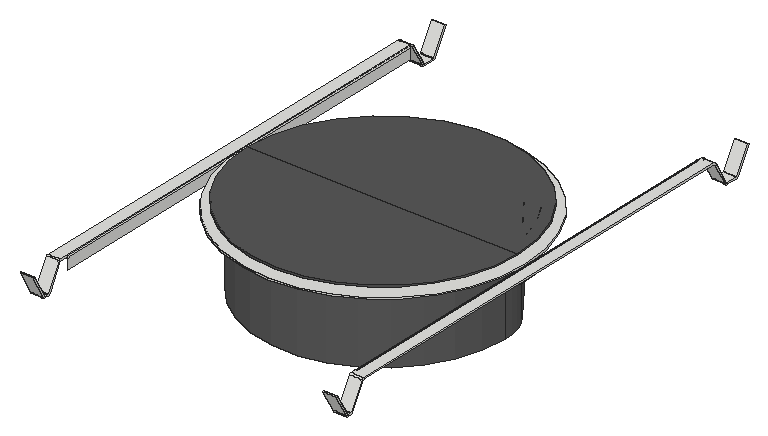
Revit family "Electronics_Desono_Biamp_Two-Way-Conferencing-Loudspeaker_C-IC6LP", category Communication Devices, host Face, Revit 2020
Family settings
  Host = Face
  Maintain Annotation Orientation = No
  Round Connector Dimension = Use Diameter
  Part Type = Normal
  OmniClass Number = 23.85.10.11.14.14.14
  OmniClass Title = Loudspeakers
  Cut with Voids When Loaded = No
  Shared = No
  Room Calculation Point = No
Parameters (values of type "Default - please load Revit Family Type Catalog")
  connector = no
  Weight = 9.10 lbf  # constant formula
  Version = 1
  URL = "https://www.biamp.com/"
  Transducers = "LF 1 x 6.5 (165 mm) treated paper cone; HF 1 x 1 (25 mm) soft dome"  # constant formula
  Tile Bridge [instance] = yes
  TCM-XA = yes
  TCM-X = yes
  Shipping Weight = 27.11 lbf  # constant formula
  Sensitivity = "87 dB (2.83 V);87 dB (1 W at rated impedance 8 Ω)"  # constant formula
  Required Accessory = "65 Hz, 18 dB/oct. high pass flter; DSP preset for ALC or Tesira"  # constant formula
  Recommended Amplifers = "60 W - 120 W into 8 Ω, (22 V - 31 V)"  # constant formula
  Rated Maximum SPL (Processed) = "Peak - 115dB; Continuous -103dB"  # constant formula
  Rated Continuous Voltage = "21.9 V (27 dBV)"  # constant formula
  Product data url = "https://bimobject.com/biamp/product/c-ic6lp-desono-specialty-conferencing"
  Product Page URL = "https://www.biamp.com/products/product-families/desono/specialty-conferencing-loudspeakers#c-ic6lp"
  Product Documentation Link = "https://downloads.biamp.com/assets/docs/default-source/data-sheets/biamp_data_sheet_desono_c-ic6lp_may23.pdf"
  Operating Range (-10dB) = "Indoor"  # constant formula
  Operating Mode = "Passive with DSP"  # constant formula
  Operating Environment = "Indoor in climate-controlled environments"  # constant formula
  Nominal Maximum SPL = "Peak - 109dB; Continuous -103dB"  # constant formula
  Nominal Continuous Power Handling = "22 V (60 W @ 8 Ω)"  # constant formula
  Nominal Beamwidth  (H x V) = "130°, conical"  # constant formula
  Nom ceiling thikness [instance] = if(or(Ceiling Thickness < 0.25197", Ceiling Thickness = 0.25197"), 0.25197", if(and(Ceiling Thickness > 0.25197", Ceiling Thickness < 3.54331"), Ceiling Thickness, if(or(Ceiling Thickness > 3.54331", Ceiling Thickness = 3.54331"), 3.54331", 0")))  # 0.25197"
  Mounting Provisions = "3 SpringLock™ mounting clamps with 33 mm (1.3) grip range"  # constant formula
  Model = "C-IC6LP-B"
  Manufacturer = "Biamp"  # constant formula
  Input Connection = "4-position Euroblock connector, 2 RJ45 ports"  # constant formula
  Housing Material = Biamp - Metal - Black
  Grill Material = Biamp - Plastic - Black(Grid)
  Diameter = 13.4252"  # constant formula
  Description = "Desono™ C-IC6LP Two-Way 6.5 Ceiling Mount Conferencing Loudspeaker"  # constant formula
  Depth = 3.97638"  # constant formula
  Default Elevation = 48"
  Date Updated = ""
  Date Created = "2023/08/21"
  Crossover Frequency = "2.5 kHz"  # constant formula
  Connector XA = if([TCM-XA], 3, 2)  # 3
  Connector X = if([TCM-X], 3, 2)  # 3
  Connector Description = "4-pole Euroblock; 22V 60W 8Ω (240W peak)"  # constant formula
  Connector 450 = if(ABP450, 3, 2)  # 3
  Certifcations = "ETL listed to comply with UL1480A, UL2043 and CSA62368-1 Suitable for use in air handling spaces per NFPA 70 and NFPA 90"  # constant formula
  Ceiling Thickness [instance] = 0"
  Amplifier [instance] = or(ABP450, [TCM-X], [TCM-XA])  # yes
  ABP450 = yes
Reference planes (in)
  plane 1 "Center (Front/Back)": y = 0
  plane 2: z = 0
  plane 3 "Center (Left/Right)": x = 0
Forms (in)
  Revolve 1, solid, material "Biamp - Plastic - Black(Grid)" <- "Grill Material"
    sketch origin (0, 0, 0) x (1, 0, 0) y (0, 0, 1)
      loop
        line (0, 0.07874) -> (-6.69291, 0.07874) -> (-6.69291, 0) -> (-6.14665, 0) -> (-6.14665, -0.3937) -> (0, -0.3937) -> (0, 0.07874)
      axis (0, -0.3937) -> (0, 0.07874)
    angle from 0 to 360
  Extrusion 2, solid, material "Biamp - Metal - Black" <- "Housing Material", detail levels coarse
    sketch origin (0, 0, 0) x (1, 0, 0) y (0, 1, 0)
      loop
        arc (-2.58296, 5.53419) -> (0, -6.10728) -> (2.58296, 5.53419) r 6.10728
        arc (2.58296, 5.53419) -> (2.24482, 5.71389) -> (1.86695, 5.77596) r 1.1811
        line (1.86695, 5.77596) -> (-1.86695, 5.77596)
        arc (-1.86695, 5.77596) -> (-2.24482, 5.71389) -> (-2.58296, 5.53419) r 1.1811
    from -3.89764 to -0.3937
  Extrusion 3, solid, material "Biamp - Metal - Black" <- "Housing Material", detail levels medium+fine
    sketch origin (0, 0, 0) x (1, 0, 0) y (0, 1, 0)
      loop
        arc (-6.10728, 0) -> (0, -6.10728) -> (6.10728, 0) r 6.10728
        arc (6.10728, 0) -> (5.96959, 0.86434) -> (5.57015, 1.64312) r 2.78175
        line (5.57015, 1.64312) -> (2.81022, 5.30567)
        arc (2.81022, 5.30567) -> (2.39396, 5.65187) -> (1.86695, 5.77596) r 1.1811
        line (1.86695, 5.77596) -> (-1.86695, 5.77596)
        arc (-1.86695, 5.77596) -> (-2.39396, 5.65187) -> (-2.81022, 5.30567) r 1.1811
        line (-2.81022, 5.30567) -> (-5.57015, 1.64312)
        arc (-5.57015, 1.64312) -> (-5.96959, 0.86434) -> (-6.10728, 0) r 2.78175
    from -3.89764 to -0.3937
  Extrusion 4, void
    sketch origin (0, 5.65945, 0) x (1, 0, 0) y (0, 1, 0)
      loop
        line (-0.74666, -1.34345) -> (-0.74666, -1.73715) -> (0.74666, -1.73715) -> (0.74666, -1.34345) -> (-0.74666, -1.34345)
      loop
        line (-0.62821, -0.76382) -> (-0.62821, -1.15753) -> (-0.19243, -1.15753) -> (-0.19243, -0.76382) -> (-0.62821, -0.76382)
      loop
        line (0.62821, -0.76382) -> (0.19243, -0.76382) -> (0.19243, -1.15753) -> (0.62821, -1.15753) -> (0.62821, -0.76382)
    from -4.12234 to -3.82627
  Extrusion 5, void
    sketch origin (0, 0, 0) x (1, 0, 0) y (0, 1, 0)
      loop
        circle (0, 0) r 6.14665
    from -4.39616 to 0
  Extrusion 6, solid, material "Biamp - Plastic - Dark Gray", visible <- "ABP450"
    sketch origin (0, 0, -3.89764) x (0, 1, 0) y (1, 0, 0)
      loop
        line (5.77596, 1.87419) -> (5.77596, -1.87419)
        arc (5.77596, -1.87419) -> (5.84558, -1.75092) -> (5.86971, -1.61142) r 0.41512
        line (5.86971, -1.61142) -> (5.86971, 1.61142)
        arc (5.86971, 1.61142) -> (5.84558, 1.75092) -> (5.77596, 1.87419) r 0.41512
    from 0 to -1.82
  Extrusion 7, solid, material "Biamp - Plastic - Dark Gray", visible <- "ABP450"
    sketch origin (0, 0, -3.89764) x (0, 1, 0) y (1, 0, 0)
      loop
        line (4.36313, 2.9249) -> (4.36313, -2.9249) -> (4.76917, -2.9249)
        arc (4.76917, -2.9249) -> (4.88683, -2.90415) -> (4.9903, -2.84442) r 0.34401
        line (4.9903, -2.84442) -> (5.7772, -1.87267)
        arc (5.7772, -1.87267) -> (5.8459, -1.75) -> (5.86971, -1.61142) r 0.41512
        line (5.86971, -1.61142) -> (5.86971, 1.61142)
        arc (5.86971, 1.61142) -> (5.8459, 1.75) -> (5.7772, 1.87267) r 0.41512
        line (5.7772, 1.87267) -> (4.9903, 2.84442)
        arc (4.9903, 2.84442) -> (4.88683, 2.90415) -> (4.76917, 2.9249) r 0.34401
        line (4.76917, 2.9249) -> (4.36313, 2.9249)
    from 0 to 1.12
  Extrusion 8, solid, material "Biamp - Plastic - Black", visible <- "ABP450"
    sketch origin (0, 0, -3.89764) x (0, 1, 0) y (1, 0, 0)
      loop
        line (-0.65565, 2.9249) -> (-0.65565, -2.9249) -> (0.14909, -3.38952) -> (3.55211, -3.38952) -> (4.36313, -2.92127) -> (4.36313, 2.92127) -> (3.55211, 3.38952) -> (0.14909, 3.38952) -> (-0.65565, 2.9249)
      loop
        circle (1.69749, -3.23227) r 0.08163
      loop
        circle (1.69749, 3.23227) r 0.08163
    from 0 to 0.07
  Extrusion 9, solid, material "Biamp - Plastic - Black", visible <- "ABP450"
    sketch origin (3.39365, -0.65565, -3.89764) x (-1, 0, 0) y (0, 0, -1)
      loop
        line (6.31855, 0.07) -> (6.31855, 1.08822)
        arc (6.31855, 1.08822) -> (6.30831, 1.11296) -> (6.28357, 1.1232) r 0.03498
        line (6.28357, 1.1232) -> (0.50373, 1.1232)
        arc (0.50373, 1.1232) -> (0.479, 1.11296) -> (0.46875, 1.08822) r 0.03498
        line (0.46875, 1.08822) -> (0.46875, 0.07) -> (6.31855, 0.07)
    from -5.01878 to 0
  Extrusion 10, solid, material "Biamp - Plastic - Dark Gray", visible <- "TCM-X"
    sketch origin (0, 0, -3.89764) x (0, 1, 0) y (1, 0, 0)
      loop
        line (5.77596, 1.87419) -> (5.77596, -1.87419)
        arc (5.77596, -1.87419) -> (5.84558, -1.75092) -> (5.86971, -1.61142) r 0.41512
        line (5.86971, -1.61142) -> (5.86971, 1.61142)
        arc (5.86971, 1.61142) -> (5.84558, 1.75092) -> (5.77596, 1.87419) r 0.41512
    from 0 to -1.82
  Extrusion 11, solid, material "Biamp - Plastic - Dark Gray", visible <- "TCM-X"
    sketch origin (0, 0, -3.89764) x (0, 1, 0) y (1, 0, 0)
      loop
        line (4.36313, 2.9249) -> (4.36313, -2.9249) -> (4.76917, -2.9249)
        arc (4.76917, -2.9249) -> (4.88683, -2.90415) -> (4.9903, -2.84442) r 0.34401
        line (4.9903, -2.84442) -> (5.7772, -1.87267)
        arc (5.7772, -1.87267) -> (5.8459, -1.75) -> (5.86971, -1.61142) r 0.41512
        line (5.86971, -1.61142) -> (5.86971, 1.61142)
        arc (5.86971, 1.61142) -> (5.8459, 1.75) -> (5.7772, 1.87267) r 0.41512
        line (5.7772, 1.87267) -> (4.9903, 2.84442)
        arc (4.9903, 2.84442) -> (4.88683, 2.90415) -> (4.76917, 2.9249) r 0.34401
        line (4.76917, 2.9249) -> (4.36313, 2.9249)
    from 0 to 1.12
  Extrusion 12, solid, material "Biamp - Plastic - Black", visible <- "TCM-X"
    sketch origin (0, 0, -3.89764) x (0, 1, 0) y (1, 0, 0)
      loop
        line (-0.65565, 2.9249) -> (-0.65565, -2.9249) -> (0.14909, -3.38952) -> (3.55211, -3.38952) -> (4.36313, -2.92127) -> (4.36313, 2.92127) -> (3.55211, 3.38952) -> (0.14909, 3.38952) -> (-0.65565, 2.9249)
      loop
        circle (1.69749, -3.23227) r 0.08163
      loop
        circle (1.69749, 3.23227) r 0.08163
    from 0 to 0.07
  Extrusion 13, solid, material "Biamp - Plastic - Black", visible <- "TCM-X"
    sketch origin (3.39365, -0.65565, -3.89764) x (-1, 0, 0) y (0, 0, -1)
      loop
        line (6.31855, 0.07) -> (6.31855, 1.08822)
        arc (6.31855, 1.08822) -> (6.30831, 1.11296) -> (6.28357, 1.1232) r 0.03498
        line (6.28357, 1.1232) -> (0.50373, 1.1232)
        arc (0.50373, 1.1232) -> (0.479, 1.11296) -> (0.46875, 1.08822) r 0.03498
        line (0.46875, 1.08822) -> (0.46875, 0.07) -> (6.31855, 0.07)
    from -5.01878 to 0
  Extrusion 14, solid, material "Biamp - Plastic - Dark Gray", visible <- "TCM-XA"
    sketch origin (0, 0, -3.89764) x (0, 1, 0) y (1, 0, 0)
      loop
        line (5.77596, 1.87419) -> (5.77596, -1.87419)
        arc (5.77596, -1.87419) -> (5.84558, -1.75092) -> (5.86971, -1.61142) r 0.41512
        line (5.86971, -1.61142) -> (5.86971, 1.61142)
        arc (5.86971, 1.61142) -> (5.84558, 1.75092) -> (5.77596, 1.87419) r 0.41512
    from 0 to -1.82
  Extrusion 15, solid, material "Biamp - Plastic - Dark Gray", visible <- "TCM-XA"
    sketch origin (0, 0, -3.89764) x (0, 1, 0) y (1, 0, 0)
      loop
        line (4.36313, 2.9249) -> (4.36313, -2.9249) -> (4.76917, -2.9249)
        arc (4.76917, -2.9249) -> (4.88683, -2.90415) -> (4.9903, -2.84442) r 0.34401
        line (4.9903, -2.84442) -> (5.7772, -1.87267)
        arc (5.7772, -1.87267) -> (5.8459, -1.75) -> (5.86971, -1.61142) r 0.41512
        line (5.86971, -1.61142) -> (5.86971, 1.61142)
        arc (5.86971, 1.61142) -> (5.8459, 1.75) -> (5.7772, 1.87267) r 0.41512
        line (5.7772, 1.87267) -> (4.9903, 2.84442)
        arc (4.9903, 2.84442) -> (4.88683, 2.90415) -> (4.76917, 2.9249) r 0.34401
        line (4.76917, 2.9249) -> (4.36313, 2.9249)
    from 0 to 1.12
  Extrusion 16, solid, material "Biamp - Plastic - Black", visible <- "TCM-XA"
    sketch origin (0, 0, -3.89764) x (0, 1, 0) y (1, 0, 0)
      loop
        line (-0.65565, 2.9249) -> (-0.65565, -2.9249) -> (0.14909, -3.38952) -> (3.55211, -3.38952) -> (4.36313, -2.92127) -> (4.36313, 2.92127) -> (3.55211, 3.38952) -> (0.14909, 3.38952) -> (-0.65565, 2.9249)
      loop
        circle (1.69749, -3.23227) r 0.08163
      loop
        circle (1.69749, 3.23227) r 0.08163
    from 0 to 0.07
  Extrusion 17, solid, material "Biamp - Plastic - Black", visible <- "TCM-XA"
    sketch origin (3.39365, -0.65565, -3.89764) x (-1, 0, 0) y (0, 0, -1)
      loop
        line (6.31855, 0.07) -> (6.31855, 1.08822)
        arc (6.31855, 1.08822) -> (6.30831, 1.11296) -> (6.28357, 1.1232) r 0.03498
        line (6.28357, 1.1232) -> (0.50373, 1.1232)
        arc (0.50373, 1.1232) -> (0.479, 1.11296) -> (0.46875, 1.08822) r 0.03498
        line (0.46875, 1.08822) -> (0.46875, 0.07) -> (6.31855, 0.07)
    from -5.01878 to 0
  Extrusion 18, void
    sketch origin (3.39365, 4.36313, -3.89764) x (1, 0, 0) y (0, 0, -1)
      loop
        line (-0.62307, 0.26286) -> (-0.62307, 0.68336) -> (-1.0523, 0.68336) -> (-1.0523, 0.26286) -> (-0.62307, 0.26286)
      loop
        line (-6.16423, 0.26286) -> (-5.735, 0.26286) -> (-5.735, 0.68336) -> (-6.16423, 0.68336) -> (-6.16423, 0.26286)
      loop
        line (-1.12307, 0.26286) -> (-1.12307, 0.68336) -> (-1.5523, 0.68336) -> (-1.5523, 0.26286) -> (-1.12307, 0.26286)
      loop
        line (-1.62307, 0.26286) -> (-1.62307, 0.68336) -> (-2.0523, 0.68336) -> (-2.0523, 0.26286) -> (-1.62307, 0.26286)
      loop
        line (-2.12307, 0.26286) -> (-2.12307, 0.68336) -> (-2.5523, 0.68336) -> (-2.5523, 0.26286) -> (-2.12307, 0.26286)
    from -0.34 to 0.09
  Extrusion 19, void
    sketch origin (3.39365, 4.36313, -3.89764) x (1, 0, 0) y (0, 0, -1)
      loop
        line (-1.57075, 0.26286) -> (-1.57075, 0.68336) -> (-1.99998, 0.68336) -> (-1.99998, 0.26286) -> (-1.57075, 0.26286)
      loop
        line (-0.82075, 0.26286) -> (-0.82075, 0.68336) -> (-1.24998, 0.68336) -> (-1.24998, 0.26286) -> (-0.82075, 0.26286)
    from -0.09 to 0.14
  Extrusion 20, void
    sketch origin (3.39365, 4.36313, -3.89764) x (1, 0, 0) y (0, 0, -1)
      loop
        line (-4.485, 0.26286) -> (-4.485, 0.68336) -> (-4.91423, 0.68336) -> (-4.91423, 0.26286) -> (-4.485, 0.26286)
      loop
        line (-2.32075, 0.26286) -> (-2.32075, 0.68336) -> (-2.74998, 0.68336) -> (-2.74998, 0.26286) -> (-2.32075, 0.26286)
      loop
        line (-3.07075, 0.26286) -> (-3.07075, 0.68336) -> (-3.49998, 0.68336) -> (-3.49998, 0.26286) -> (-3.07075, 0.26286)
    from -0.09 to 0.14
Cuts and joins
  Extrusion 4 cuts Extrusion 3
  Extrusion 4 cuts Revolve 1
  Extrusion 4 cuts Extrusion 2
  Extrusion 18 cuts Extrusion 9
  Extrusion 19, Extrusion 20 cuts Extrusion 17
  Extrusion 20 cuts Extrusion 13
Lines and regions (in)
  Masking region 1
    outline origin (0, 0, 0) x (1, 0, 0) y (0, 1, 0)
      loop
        line (-2.81022, 5.30567) -> (-5.57015, 1.64312)
        arc (-5.57015, 1.64312) -> (-5.96959, 0.86434) -> (-6.10728, 0) r 2.78175
        arc (-6.10728, 0) -> (0, -6.10728) -> (6.10728, 0) r 6.10728
        arc (6.10728, 0) -> (5.96959, 0.86434) -> (5.57015, 1.64312) r 2.78175
        line (5.57015, 1.64312) -> (2.81022, 5.30567)
        arc (2.81022, 5.30567) -> (2.39396, 5.65187) -> (1.86695, 5.77596) r 1.1811
        line (1.86695, 5.77596) -> (-1.86695, 5.77596)
        arc (-1.86695, 5.77596) -> (-2.39396, 5.65187) -> (-2.81022, 5.30567) r 1.1811
  Masking region 2
    outline origin (0, 0, 0) x (1, 0, 0) y (0, 1, 0)
      loop
        circle (0, 0) r 6.69291
  Masking region 3
    outline origin (0, 0, 0) x (1, 0, 0) y (0, 0, 1)
      loop
        line (-6.69291, 0.07874) -> (-6.69291, 0) -> (-6.14665, 0) -> (-6.14665, -0.3937) -> (6.14665, -0.3937) -> (6.14665, 0) -> (6.69291, 0) -> (6.69291, 0.07874) -> (-6.69291, 0.07874)
  Masking region 4
    outline origin (0, 0, 0) x (1, 0, 0) y (0, 0, 1)
      loop
        line (-6.10728, -0.3937) -> (-6.10728, -3.89764) -> (6.10728, -3.89764) -> (6.10728, -0.3937) -> (-6.10728, -0.3937)
  Masking region 5, visible <- "Amplifier"
    outline origin (0, 0, 0) x (1, 0, 0) y (0, 1, 0)
      loop
        line (-3.38952, 3.55211) -> (-3.38952, 0.14909) -> (-2.92127, -0.66193) -> (-2.92127, 4.36313) -> (-3.38952, 3.55211)
      loop
        line (2.92127, -0.66193) -> (3.38952, 0.14909) -> (3.38952, 3.55211) -> (2.92127, 4.36313) -> (2.92127, -0.66193)
      loop
        circle (-3.23227, 1.69749) r 0.08163
      loop
        circle (3.23227, 1.69749) r 0.08163
  Masking region 6, visible <- "Amplifier"
    outline origin (0, 0, 0) x (1, 0, 0) y (0, 1, 0)
      loop
        line (-2.9249, 4.36313) -> (2.9249, 4.36313) -> (2.9249, 4.76917)
        arc (2.9249, 4.76917) -> (2.90415, 4.88683) -> (2.84442, 4.9903) r 0.34401
        line (2.84442, 4.9903) -> (1.87267, 5.7772)
        arc (1.87267, 5.7772) -> (1.75, 5.8459) -> (1.61142, 5.86971) r 0.41512
        line (1.61142, 5.86971) -> (-1.61142, 5.86971)
        arc (-1.61142, 5.86971) -> (-1.75, 5.8459) -> (-1.87267, 5.7772) r 0.41512
        line (-1.87267, 5.7772) -> (-2.84442, 4.9903)
        arc (-2.84442, 4.9903) -> (-2.90415, 4.88683) -> (-2.9249, 4.76917) r 0.34401
        line (-2.9249, 4.76917) -> (-2.9249, 4.36313)
  Masking region 7, visible <- "Amplifier"
    outline origin (0, 0, 0) x (1, 0, 0) y (0, 1, 0)
      loop
        line (-2.9249, 4.36313) -> (-2.9249, -0.65565) -> (2.9249, -0.65565) -> (2.9249, 4.36313) -> (-2.9249, 4.36313)
  reference lines
    curve 1: line (-58.44901, 0, -0.25197) -> (-45.44901, 0, -0.25197)
    curve 2: line (0, -4.62706, -5.43695) -> (0, -7.12706, -5.43695)
    curve 3: line (0, 3.29143, -5.94158) -> (0, 4.54143, -5.94158)
Dimensions and locks (in)
  "Nom ceiling thikness": plane 2 to curve 1
  equal spacing: group 2, group 32, group 1
  equal spacing: group 1, group 32, group 2  (x2)
  equal spacing: group 4, group 33, group 3
  equal spacing: group 3, group 33, group 4  (x2)
  equal spacing: group 6, group 34, group 5
  equal spacing: group 5, group 34, group 6  (x2)
  equal spacing: group 8, group 35, group 7
  equal spacing: group 7, group 35, group 8  (x2)
  equal spacing: group 10, group 36, group 9
  equal spacing: group 9, group 36, group 10  (x2)
  equal spacing: group 12, group 37, group 11
  equal spacing: group 11, group 37, group 12  (x2)
  equal spacing: group 14, group 38, group 13
  equal spacing: group 13, group 38, group 14  (x2)
  equal spacing: group 16, group 39, group 15
  equal spacing: group 15, group 39, group 16  (x2)
  equal spacing: group 18, group 19, group 17
  equal spacing: group 17, group 19, group 18  (x2)
  equal spacing: group 21, group 22, group 20
  equal spacing: group 20, group 22, group 21  (x2)
  equal spacing: group 24, group 25, group 23
  equal spacing: group 23, group 25, group 24  (x2)
  equal spacing: group 27, group 28, group 26
  equal spacing: group 26, group 28, group 27  (x2)
  equal spacing: group 30, group 31, group 29
  equal spacing: group 29, group 31, group 30  (x2)
  aligned and locked: plane 2 to host face
  aligned and locked: level to host face
Automatic sketch dimensions
  host sketch curve to host sketch curve = 96"  (x2)
  Extrusion 4 sketch curve to plane 3 "Center (Left/Right)" = 0.74666"
  Extrusion 4 sketch curve to Extrusion 4 sketch curve = 0.11845"  (x2)
  Extrusion 4 sketch curve to plane 3 "Center (Left/Right)" = 0.19243"
  plane 3 "Center (Left/Right)" to Extrusion 4 sketch curve = 0.19243"
  Extrusion 4 sketch curve to Extrusion 4 sketch curve = 0.43578"
  Extrusion 4 sketch curve to plane 1 "Center (Front/Back)" = 4.50192"
  Extrusion 4 sketch curve to Extrusion 4 sketch curve = 0"  (x2)
  Extrusion 4 sketch curve to Extrusion 4 sketch curve = 0.3937"  (x2)
  Extrusion 4 sketch curve to Extrusion 4 sketch curve = 0.97332"
  plane 1 "Center (Front/Back)" to curve 2 = 7.12706"
  curve 3 to plane 1 "Center (Front/Back)" = 3.29143"
  curve 3 to level = 5.94158"
  curve 2 to curve 2 = 2.5"
  curve 3 to curve 3 = 1.25"
  curve 2 to level = 5.43695"
  Revolve 1 sketch curve to level = 0"
  Revolve 1 sketch curve to plane 3 "Center (Left/Right)" = 0"  (x2)
  Revolve 1 sketch curve to Revolve 1 sketch curve = 0.54626"
  Revolve 1 sketch curve to Revolve 1 sketch curve = 0.07874"
  Revolve 1 sketch curve to Revolve 1 sketch curve = 1.9685"
  Revolve 1 sketch curve to plane 3 "Center (Left/Right)" = 6.14665"
  Revolve 1 sketch curve to level = 0.3937"
  Revolve 1 sketch curve to Revolve 1 sketch curve = 1.69291"
  Extrusion 3 sketch curve to plane 3 "Center (Left/Right)" = 1.86695"
  Extrusion 3 sketch curve to Extrusion 3 sketch curve = 0.94327"  (x2)
  Extrusion 3 sketch curve to plane 1 "Center (Front/Back)" = 1.64312"  (x2)
  plane 3 "Center (Left/Right)" to Extrusion 3 sketch curve = 1.86695"
  plane 3 "Center (Left/Right)" to Extrusion 3 sketch curve = 3.32553"
  Extrusion 3 sketch curve to plane 1 "Center (Front/Back)" = 4.59486"
  Extrusion 3 sketch curve to Extrusion 3 sketch curve = 0"  (x2)
  Extrusion 3 sketch curve to Extrusion 3 sketch curve = 0.71081"
  plane 1 "Center (Front/Back)" to Extrusion 3 sketch curve = 0"
  Extrusion 3 sketch curve to plane 3 "Center (Left/Right)" = 0"
  Extrusion 3 sketch curve to Extrusion 3 sketch curve = 3.32553"
  Extrusion 3 sketch curve to Extrusion 3 sketch curve = 2.24462"
  Extrusion 3 sketch curve to Extrusion 3 sketch curve = 0.53714"
  plane 1 "Center (Front/Back)" to Masking region 1 sketch curve = 0"
  Masking region 1 sketch curve to plane 3 "Center (Left/Right)" = 0"
  Masking region 1 sketch curve to plane 3 "Center (Left/Right)" = 1.86695"
  Masking region 1 sketch curve to Masking region 1 sketch curve = 0.94327"  (x2)
  Masking region 1 sketch curve to Masking region 1 sketch curve = 3.32553"
  Masking region 1 sketch curve to plane 1 "Center (Front/Back)" = 1.64312"  (x2)
  Masking region 1 sketch curve to Masking region 1 sketch curve = 2.24462"  (x2)
  plane 3 "Center (Left/Right)" to Masking region 1 sketch curve = 1.86695"
  plane 3 "Center (Left/Right)" to Masking region 1 sketch curve = 3.32553"
  Masking region 1 sketch curve to plane 1 "Center (Front/Back)" = 4.59486"
  Masking region 1 sketch curve to Masking region 1 sketch curve = 0"  (x2)
  Masking region 1 sketch curve to Masking region 1 sketch curve = 0.71081"
  Masking region 2 sketch curve to Masking region 2 sketch curve = 0"  (x2)
  plane 1 "Center (Front/Back)" to Masking region 2 sketch curve = 0"
  Masking region 2 sketch curve to plane 3 "Center (Left/Right)" = 0"
  Masking region 2 sketch curve to Masking region 2 sketch curve = 6.69291"
  plane 1 "Center (Front/Back)" to Extrusion 5 sketch curve = 0"
  Extrusion 5 sketch curve to plane 3 "Center (Left/Right)" = 0"
  level to Masking region 3 sketch curve = 0.07874"
  Masking region 3 sketch curve to plane 3 "Center (Left/Right)" = 6.69291"
  Masking region 3 sketch curve to Masking region 3 sketch curve = 0.54626"  (x2)
  plane 3 "Center (Left/Right)" to Masking region 3 sketch curve = 6.69291"
  Masking region 3 sketch curve to level = 0.3937"
  Masking region 3 sketch curve to level = 0"  (x2)
  Masking region 4 sketch curve to plane 3 "Center (Left/Right)" = 6.10728"
  plane 3 "Center (Left/Right)" to Masking region 4 sketch curve = 6.10728"
  Masking region 4 sketch curve to level = 3.89764"
  Masking region 4 sketch curve to level = 0.3937"
  plane 1 "Center (Front/Back)" to Extrusion 2 sketch curve = 0"
  Extrusion 2 sketch curve to plane 3 "Center (Left/Right)" = 0"
  plane 3 "Center (Left/Right)" to Extrusion 2 sketch curve = 1.86695"
  Extrusion 2 sketch curve to plane 1 "Center (Front/Back)" = 4.59486"
  Extrusion 2 sketch curve to Extrusion 2 sketch curve = 1.1811"  (x2)
  Extrusion 2 sketch curve to Extrusion 2 sketch curve = 0.71601"  (x2)
  Extrusion 2 sketch curve to Extrusion 2 sketch curve = 0"
  Extrusion 2 to Extrusion 6 sketch curve = 0.32137"  (x2)
  Extrusion 6 sketch curve to Extrusion 6 sketch curve = 0.32137"
  Extrusion 6 sketch curve to Extrusion 6 sketch curve = 0.09375"
  Extrusion 6 sketch curve to Extrusion 6 sketch curve = 3.22285"
  Extrusion 7 sketch curve to Extrusion 7 sketch curve = 0.40604"  (x2)
  Extrusion 7 sketch curve to Extrusion 7 sketch curve = 0.22113"  (x2)
  Extrusion 7 sketch curve to Extrusion 7 sketch curve = 0.68542"  (x2)
  Extrusion 7 sketch curve to Extrusion 7 sketch curve = 0.32261"  (x2)
  Extrusion 7 sketch curve to Extrusion 7 sketch curve = 0.09251"
  Extrusion 7 sketch curve to Extrusion 7 sketch curve = 0.08048"
  Extrusion 7 sketch curve to Extrusion 7 sketch curve = 0.70822"
  Extrusion 7 sketch curve to Extrusion 7 sketch curve = 3.22285"
  Extrusion 7 sketch curve to Extrusion 7 sketch curve = 0.96946"
  Extrusion 7 sketch curve to Extrusion 7 sketch curve = 0.26353"
  Extrusion 2 to Extrusion 7 sketch curve = 1.41283"
  Extrusion 8 sketch curve to Extrusion 8 sketch curve = 0"  (x4)
  Extrusion 2 to Extrusion 8 sketch curve = 6.43162"
  Extrusion 8 sketch curve to Extrusion 8 sketch curve = 0.80474"  (x2)
  Extrusion 8 sketch curve to Extrusion 8 sketch curve = 1.5484"  (x2)
  Extrusion 8 sketch curve to Extrusion 8 sketch curve = 1.85462"  (x2)
  Extrusion 8 sketch curve to Extrusion 8 sketch curve = 0.81102"
  Extrusion 8 sketch curve to Extrusion 8 sketch curve = 0.15725"
  Extrusion 8 sketch curve to Extrusion 8 sketch curve = 0.46462"
  Extrusion 8 sketch curve to Extrusion 8 sketch curve = 0.46824"  (x2)
  Extrusion 8 sketch curve to Extrusion 8 sketch curve = 5.84255"
  Extrusion 8 sketch curve to Extrusion 8 sketch curve = 0.00363"
  Extrusion 8 sketch curve to Extrusion 8 sketch curve = 0.30737"
  Extrusion 8 sketch curve to Extrusion 8 sketch curve = 0.08163"  (x2)
  Extrusion 9 sketch curve to Extrusion 8 = 0"  (x2)
  Extrusion 9 sketch curve to Extrusion 9 sketch curve = 0.03498"  (x2)
  Extrusion 8 to Extrusion 9 sketch curve = 0.03498"
  Extrusion 9 sketch curve to Extrusion 9 sketch curve = 1.01822"
  Extrusion 2 to Extrusion 10 sketch curve = 0"
  Extrusion 2 to Extrusion 10 sketch curve = 0.32137"  (x2)
  Extrusion 10 sketch curve to Extrusion 2 = 0.09375"
  Extrusion 10 sketch curve to Extrusion 10 sketch curve = 3.22285"
  Extrusion 2 to Extrusion 11 sketch curve = 1.41283"
  Extrusion 11 sketch curve to Extrusion 11 sketch curve = 0.40604"  (x2)
  Extrusion 11 sketch curve to Extrusion 11 sketch curve = 0.22113"  (x2)
  Extrusion 2 to Extrusion 11 sketch curve = 0.32137"  (x2)
  Extrusion 11 sketch curve to Extrusion 2 = 0.00124"  (x2)
  Extrusion 11 sketch curve to Extrusion 2 = 0.09375"
  Extrusion 11 sketch curve to Extrusion 11 sketch curve = 0.08048"
  Extrusion 11 sketch curve to Extrusion 11 sketch curve = 0.70822"
  Extrusion 11 sketch curve to Extrusion 11 sketch curve = 3.22285"
  Extrusion 11 sketch curve to Extrusion 11 sketch curve = 0.96946"
  Extrusion 11 sketch curve to Extrusion 11 sketch curve = 0.26353"
  Extrusion 12 sketch curve to Extrusion 12 sketch curve = 0"  (x4)
  Extrusion 2 to Extrusion 12 sketch curve = 6.43162"
  Extrusion 12 sketch curve to Extrusion 12 sketch curve = 0.80474"  (x2)
  Extrusion 12 sketch curve to Extrusion 12 sketch curve = 1.5484"  (x2)
  Extrusion 12 sketch curve to Extrusion 12 sketch curve = 1.85462"  (x2)
  Extrusion 12 sketch curve to Extrusion 12 sketch curve = 0.81102"
  Extrusion 12 sketch curve to Extrusion 12 sketch curve = 0.15725"
  Extrusion 12 sketch curve to Extrusion 12 sketch curve = 0.46462"
  Extrusion 12 sketch curve to Extrusion 12 sketch curve = 0.46824"  (x2)
  Extrusion 12 sketch curve to Extrusion 12 sketch curve = 5.84255"
  Extrusion 12 sketch curve to Extrusion 12 sketch curve = 0.00363"
  Extrusion 12 sketch curve to Extrusion 12 sketch curve = 0.30737"
  Extrusion 12 sketch curve to Extrusion 12 sketch curve = 0.08163"  (x2)
  Extrusion 13 sketch curve to Extrusion 12 = 0"
  Extrusion 12 to Extrusion 13 sketch curve = 0"  (x2)
  Extrusion 13 sketch curve to Extrusion 13 sketch curve = 0.03498"
  Extrusion 12 to Extrusion 13 sketch curve = 0.03498"
  Extrusion 13 sketch curve to Extrusion 12 = 1.01822"
  Extrusion 2 to Extrusion 14 sketch curve = 0"
  Extrusion 2 to Extrusion 14 sketch curve = 0.32137"  (x2)
  Extrusion 14 sketch curve to Extrusion 2 = 0.09375"
  Extrusion 14 sketch curve to Extrusion 14 sketch curve = 3.22285"
  Extrusion 2 to Extrusion 15 sketch curve = 1.41283"
  Extrusion 15 sketch curve to Extrusion 15 sketch curve = 0.40604"  (x2)
  Extrusion 15 sketch curve to Extrusion 15 sketch curve = 0.22113"  (x2)
  Extrusion 2 to Extrusion 15 sketch curve = 0.32137"  (x2)
  Extrusion 15 sketch curve to Extrusion 2 = 0.00124"  (x2)
  Extrusion 15 sketch curve to Extrusion 2 = 0.09375"
  Extrusion 15 sketch curve to Extrusion 15 sketch curve = 0.08048"
  Extrusion 15 sketch curve to Extrusion 15 sketch curve = 0.70822"
  Extrusion 15 sketch curve to Extrusion 15 sketch curve = 3.22285"
  Extrusion 15 sketch curve to Extrusion 15 sketch curve = 0.96946"
  Extrusion 15 sketch curve to Extrusion 15 sketch curve = 0.26353"
  Extrusion 16 sketch curve to Extrusion 16 sketch curve = 0"  (x4)
  Extrusion 2 to Extrusion 16 sketch curve = 6.43162"
  Extrusion 16 sketch curve to Extrusion 16 sketch curve = 0.80474"  (x2)
  Extrusion 16 sketch curve to Extrusion 16 sketch curve = 1.5484"  (x2)
  Extrusion 16 sketch curve to Extrusion 16 sketch curve = 1.85462"  (x2)
  Extrusion 16 sketch curve to Extrusion 16 sketch curve = 0.81102"
  Extrusion 16 sketch curve to Extrusion 16 sketch curve = 0.15725"
  Extrusion 16 sketch curve to Extrusion 16 sketch curve = 0.46462"
  Extrusion 16 sketch curve to Extrusion 16 sketch curve = 0.46824"  (x2)
  Extrusion 16 sketch curve to Extrusion 16 sketch curve = 5.84255"
  Extrusion 16 sketch curve to Extrusion 16 sketch curve = 0.00363"
  Extrusion 16 sketch curve to Extrusion 16 sketch curve = 0.30737"
  Extrusion 16 sketch curve to Extrusion 16 sketch curve = 0.08163"  (x2)
  Extrusion 17 sketch curve to Extrusion 16 = 0"
  Extrusion 16 to Extrusion 17 sketch curve = 0"  (x2)
  Extrusion 17 sketch curve to Extrusion 17 sketch curve = 0.03498"
  Extrusion 16 to Extrusion 17 sketch curve = 0.03498"
  Extrusion 17 sketch curve to Extrusion 16 = 1.01822"
  Extrusion 18 sketch curve to Extrusion 18 sketch curve = 0.42923"  (x5)
  Extrusion 18 sketch curve to Extrusion 9 = 0.86034"
  Extrusion 18 sketch curve to Extrusion 18 sketch curve = 3.18269"
  Extrusion 18 sketch curve to Extrusion 18 sketch curve = 0.07077"  (x3)
  Extrusion 18 sketch curve to Extrusion 18 sketch curve = 0"  (x5)
  Extrusion 18 sketch curve to Extrusion 18 sketch curve = 0.4205"  (x3)
  Extrusion 18 sketch curve to Extrusion 9 = 0.15432"
  Extrusion 18 sketch curve to Extrusion 9 = 0.19286"
  Extrusion 19 sketch curve to Extrusion 9 = 0.19286"  (x2)
  Extrusion 19 sketch curve to Extrusion 9 = 1.53123"
  Extrusion 19 sketch curve to Extrusion 19 sketch curve = 0.42923"
  Extrusion 19 sketch curve to Extrusion 19 sketch curve = 0.32077"
  Extrusion 19 sketch curve to Extrusion 9 = 0.352"
  Extrusion 19 sketch curve to Extrusion 19 sketch curve = 0.4205"  (x2)
  Extrusion 20 sketch curve to Extrusion 9 = 0.19286"  (x3)
  Extrusion 20 sketch curve to Extrusion 9 = 1.40432"
  Extrusion 20 sketch curve to Extrusion 20 sketch curve = 0.42923"  (x3)
  Extrusion 20 sketch curve to Extrusion 20 sketch curve = 0.32077"
  Extrusion 20 sketch curve to Extrusion 20 sketch curve = 0.4205"  (x2)
  Extrusion 20 sketch curve to Extrusion 20 sketch curve = 0.98502"
  Extrusion 20 sketch curve to Extrusion 20 sketch curve = 0"
  Masking region 5 sketch curve to plane 3 "Center (Left/Right)" = 3.38952"
  Masking region 5 sketch curve to Masking region 5 sketch curve = 0.46824"  (x2)
  plane 3 "Center (Left/Right)" to Masking region 5 sketch curve = 2.92127"
  Masking region 5 sketch curve to plane 1 "Center (Front/Back)" = 0.14909"  (x2)
  Masking region 5 sketch curve to Masking region 5 sketch curve = 3.40302"  (x2)
  plane 1 "Center (Front/Back)" to Masking region 5 sketch curve = 0.66193"  (x2)
  Masking region 5 sketch curve to Masking region 5 sketch curve = 0.81102"  (x2)
  Masking region 5 sketch curve to Masking region 5 sketch curve = 0.15725"  (x2)
  Masking region 5 sketch curve to Masking region 5 sketch curve = 1.5484"  (x2)
  Masking region 5 sketch curve to Masking region 5 sketch curve = 0.08163"  (x2)
  Masking region 5 sketch curve to Masking region 5 sketch curve = 0"  (x2)
  Masking region 6 sketch curve to plane 3 "Center (Left/Right)" = 2.9249"
  Masking region 6 sketch curve to Masking region 6 sketch curve = 0.08048"
  Masking region 6 sketch curve to Masking region 6 sketch curve = 0.26353"  (x2)
  Masking region 6 sketch curve to Masking region 6 sketch curve = 0.70822"
  Masking region 6 sketch curve to Masking region 6 sketch curve = 0.26125"  (x2)
  plane 3 "Center (Left/Right)" to Masking region 6 sketch curve = 1.61142"
  Masking region 6 sketch curve to Masking region 6 sketch curve = 0.96946"
  Masking region 6 sketch curve to Masking region 6 sketch curve = 0.34401"
  Masking region 6 sketch curve to plane 1 "Center (Front/Back)" = 4.36313"
  Masking region 6 sketch curve to Masking region 6 sketch curve = 0.40604"  (x2)
  Masking region 6 sketch curve to Masking region 6 sketch curve = 0.68542"  (x2)
  Masking region 6 sketch curve to Masking region 6 sketch curve = 0.32261"
  plane 1 "Center (Front/Back)" to Masking region 7 sketch curve = 0.65565"
  Masking region 7 sketch curve to plane 3 "Center (Left/Right)" = 2.9249"
  plane 3 "Center (Left/Right)" to Masking region 7 sketch curve = 2.9249"
  Masking region 7 sketch curve to plane 1 "Center (Front/Back)" = 4.36313"
  curve 1 to plane 3 "Center (Left/Right)" = 58.44901"
  curve 1 to curve 1 = 13"
  radius of Extrusion 5 sketch curve = 6.14665"
Nested families (in)
  nested 1: "Tile Bridge Rail" at (0, 0, -0.25197) x (0, -1, 0) z (0, 0, -1), type "C-IC6 Tile Bridge"
    with Housing Material Biamp - Metal - Silver
  nested 2: "Connector" at (-1.21384, 4.19439, -4.37075) x (1, 0, 0) z (0, 1, 0), type "Connector"
    with Housing Material none, V no
  nested 3: "Connector" at (0.20041, 4.19439, -4.37075) x (1, 0, 0) z (0, 1, 0), type "Connector"
    with Housing Material none, V no
  nested 4: "Connector" at (0.95041, 4.19439, -4.37075) x (1, 0, 0) z (0, 1, 0), type "Connector"
    with Housing Material none, V no
  nested 5: "Connector" at (1.70041, 4.19439, -4.37075) x (1, 0, 0) z (0, 1, 0), type "Connector"
    with Housing Material none, V no
  nested 6: "Connector" at (2.45041, 4.19439, -4.37075) x (1, 0, 0) z (0, 1, 0), type "Connector"
    with Housing Material none, V no
  nested 7: "Connector" at (2.26617, 4.19439, -4.37075) x (1, 0, 0) z (0, 1, 0), type "Connector"
    with Housing Material none, V no
  nested 8: "Connector" at (1.51617, 4.19439, -4.37075) x (1, 0, 0) z (0, 1, 0), type "Connector"
    with Housing Material none, V no
  nested 9: "Connector" at (0.76617, 4.19439, -4.37075) x (1, 0, 0) z (0, 1, 0), type "Connector"
    with Housing Material none, V no
  nested 10: "Connector" at (0.01617, 4.19439, -4.37075) x (1, 0, 0) z (0, 1, 0), type "Connector"
    with Housing Material none, V no
  nested 11: "Connector" at (-1.39808, 4.19439, -4.37075) x (1, 0, 0) z (0, 1, 0), type "Connector"
    with Housing Material none, V no
  nested 12: "Connector" at (0.95041, 4.19439, -4.37075) x (1, 0, 0) z (0, 1, 0), type "Connector"
    with Housing Material none, V no
  nested 13: "Connector" at (0.20041, 4.19439, -4.37075) x (1, 0, 0) z (0, 1, 0), type "Connector"
    with Housing Material none, V no
  nested 14: "Connector" at (-1.21384, 4.19439, -4.37075) x (1, 0, 0) z (0, 1, 0), type "Connector"
    with Housing Material none, V no
  nested 15: "Connector" at (0.76617, 4.19439, -4.37075) x (1, 0, 0) z (0, 1, 0), type "Connector"
    with Housing Material none, V no
  nested 16: "Connector" at (0.01617, 4.19439, -4.37075) x (1, 0, 0) z (0, 1, 0), type "Connector"
    with Housing Material none, V no
  nested 17: "Connector" at (-1.39808, 4.19439, -4.37075) x (1, 0, 0) z (0, 1, 0), type "Connector"
    with Housing Material none, V no
  nested 18: "Connector" at (2.64808, 4.19439, -4.37075) x (1, 0, 0) z (0, 1, 0), type "Connector"
    with Housing Material none, V no
  nested 19: "Connector" at (2.14808, 4.19439, -4.37075) x (1, 0, 0) z (0, 1, 0), type "Connector"
    with Housing Material none, V no
  nested 20: "Connector" at (1.64808, 4.19439, -4.37075) x (1, 0, 0) z (0, 1, 0), type "Connector"
    with Housing Material none, V no
  nested 21: "Connector" at (1.14808, 4.19439, -4.37075) x (1, 0, 0) z (0, 1, 0), type "Connector"
    with Housing Material none, V no
  nested 22: "Connector" at (-2.46384, 4.19439, -4.37075) x (1, 0, 0) z (0, 1, 0), type "Connector"
    with Housing Material none, V no
  nested 23: "Connector" at (2.46384, 4.19439, -4.37075) x (1, 0, 0) z (0, 1, 0), type "Connector"
    with Housing Material none, V no
  nested 24: "Connector" at (2.55596, 4.19439, -4.37075) x (1, 0, 0) z (0, 1, 0), type "Connector"
    with Housing Material none, V no
  nested 25: "Connector" at (1.96384, 4.19439, -4.37075) x (1, 0, 0) z (0, 1, 0), type "Connector"
    with Housing Material none, V no
  nested 26: "Connector" at (2.05596, 4.19439, -4.37075) x (1, 0, 0) z (0, 1, 0), type "Connector"
    with Housing Material none, V no
  nested 27: "Connector" at (1.46384, 4.19439, -4.37075) x (1, 0, 0) z (0, 1, 0), type "Connector"
    with Housing Material none, V no
  nested 28: "Connector" at (1.55596, 4.19439, -4.37075) x (1, 0, 0) z (0, 1, 0), type "Connector"
    with Housing Material none, V no
  nested 29: "Connector" at (0.96384, 4.19439, -4.37075) x (1, 0, 0) z (0, 1, 0), type "Connector"
    with Housing Material none, V no
  nested 30: "Connector" at (1.05596, 4.19439, -4.37075) x (1, 0, 0) z (0, 1, 0), type "Connector"
    with Housing Material none, V no
  nested 31: "Connector" at (-2.64808, 4.19439, -4.37075) x (1, 0, 0) z (0, 1, 0), type "Connector"
    with Housing Material none, V no
  nested 32: "Connector" at (-2.55596, 4.19439, -4.37075) x (1, 0, 0) z (0, 1, 0), type "Connector"
    with Housing Material none, V no
  nested 33: "Connector" at (2.35829, 4.19439, -4.37075) x (1, 0, 0) z (0, 1, 0), type "Connector"
    with Housing Material none, V no
  nested 34: "Connector" at (1.60829, 4.19439, -4.37075) x (1, 0, 0) z (0, 1, 0), type "Connector"
    with Housing Material none, V no
  nested 35: "Connector" at (0.85829, 4.19439, -4.37075) x (1, 0, 0) z (0, 1, 0), type "Connector"
    with Housing Material none, V no
  nested 36: "Connector" at (0.10829, 4.19439, -4.37075) x (1, 0, 0) z (0, 1, 0), type "Connector"
    with Housing Material none, V no
  nested 37: "Connector" at (-1.30596, 4.19439, -4.37075) x (1, 0, 0) z (0, 1, 0), type "Connector"
    with Housing Material none, V no
  nested 38: "Connector" at (0.85829, 4.19439, -4.37075) x (1, 0, 0) z (0, 1, 0), type "Connector"
    with Housing Material none, V no
  nested 39: "Connector" at (0.10829, 4.19439, -4.37075) x (1, 0, 0) z (0, 1, 0), type "Connector"
    with Housing Material none, V no
  nested 40: "Connector" at (-1.30596, 4.19439, -4.37075) x (1, 0, 0) z (0, 1, 0), type "Connector"
    with Housing Material none, V no
Connectors (in)
  electrical at (0, 4.11915, -3.82627), driven by "Connector Description"
    settings: on cut or joined group of Extrusion 3, Extrusion 4, index 3, voltage 0 V, apparent load 0 VA, apparent load phase1 0 VA, apparent load phase2 0 VA, apparent load phase3 0 VA, power factor 1, load classification "Other", number of poles 1, system type 5, power factor state 1, is connector primary yes, connector utility no, sub classification motor no, connector description "4-pole Euroblock; 22V 60W 8Ω (240W peak)"
  electrical at (0.41032, 4.69877, -3.82627)
    settings: on cut or joined group of Extrusion 3, Extrusion 4, index 4, voltage 0 V, apparent load 0 VA, apparent load phase1 0 VA, apparent load phase2 0 VA, apparent load phase3 0 VA, power factor 1, load classification "Other", number of poles 1, system type 5, power factor state 1, is connector primary no, connector utility no, sub classification motor no, connector description "RJ-45 Input"
  electrical at (-0.41032, 4.69877, -3.82627)
    settings: on cut or joined group of Extrusion 3, Extrusion 4, index 5, voltage 0 V, apparent load 0 VA, apparent load phase1 0 VA, apparent load phase2 0 VA, apparent load phase3 0 VA, power factor 1, load classification "Other", number of poles 1, system type 5, power factor state 1, is connector primary no, connector utility no, sub classification motor no, connector description "RJ-45 Input"
  electrical at (2.55596, 4.27313, -4.37075)
    settings: on nested 24, index 6, voltage 0 V, apparent load 0 VA, apparent load phase1 0 VA, apparent load phase2 0 VA, apparent load phase3 0 VA, power factor 1, load classification "Other", number of poles 1, system type 5, power factor state 1, is connector primary no, connector utility no, sub classification motor no, connector description "RJ-45 connector"
  electrical at (2.05596, 4.27313, -4.37075)
    settings: on nested 26, index 7, voltage 0 V, apparent load 0 VA, apparent load phase1 0 VA, apparent load phase2 0 VA, apparent load phase3 0 VA, power factor 1, load classification "Other", number of poles 1, system type 5, power factor state 1, is connector primary no, connector utility no, sub classification motor no, connector description "RJ-45 connector"
  electrical at (1.55596, 4.27313, -4.37075)
    settings: on nested 28, index 8, voltage 0 V, apparent load 0 VA, apparent load phase1 0 VA, apparent load phase2 0 VA, apparent load phase3 0 VA, power factor 1, load classification "Other", number of poles 1, system type 5, power factor state 1, is connector primary no, connector utility no, sub classification motor no, connector description "RJ-45 connector"
  electrical at (1.05596, 4.27313, -4.37075)
    settings: on nested 30, index 9, voltage 0 V, apparent load 0 VA, apparent load phase1 0 VA, apparent load phase2 0 VA, apparent load phase3 0 VA, power factor 1, load classification "Other", number of poles 1, system type 5, power factor state 1, is connector primary no, connector utility no, sub classification motor no, connector description "RJ-45 connector"
  electrical at (2.35829, 4.27313, -4.37075)
    settings: on nested 33, index 10, voltage 0 V, apparent load 0 VA, apparent load phase1 0 VA, apparent load phase2 0 VA, apparent load phase3 0 VA, power factor 1, load classification "Other", number of poles 1, system type 5, power factor state 1, is connector primary no, connector utility no, sub classification motor no, connector description "Amp Out,RJ-45 connector"
  electrical at (1.60829, 4.27313, -4.37075)
    settings: on nested 34, index 11, voltage 0 V, apparent load 0 VA, apparent load phase1 0 VA, apparent load phase2 0 VA, apparent load phase3 0 VA, power factor 1, load classification "Other", number of poles 1, system type 5, power factor state 1, is connector primary no, connector utility no, sub classification motor no, connector description "Amp Out,RJ-45 connector"
  electrical at (0.85829, 4.27313, -4.37075)
    settings: on nested 35, index 12, voltage 0 V, apparent load 0 VA, apparent load phase1 0 VA, apparent load phase2 0 VA, apparent load phase3 0 VA, power factor 1, load classification "Other", number of poles 1, system type 5, power factor state 1, is connector primary no, connector utility no, sub classification motor no, connector description "RJ-45 connector"
  electrical at (0.10829, 4.27313, -4.37075)
    settings: on nested 36, index 13, voltage 0 V, apparent load 0 VA, apparent load phase1 0 VA, apparent load phase2 0 VA, apparent load phase3 0 VA, power factor 1, load classification "Other", number of poles 1, system type 5, power factor state 1, is connector primary no, connector utility no, sub classification motor no, connector description "RJ-45 connector"
  electrical at (0.85829, 4.27313, -4.37075)
    settings: on nested 38, index 14, voltage 0 V, apparent load 0 VA, apparent load phase1 0 VA, apparent load phase2 0 VA, apparent load phase3 0 VA, power factor 1, load classification "Other", number of poles 1, system type 5, power factor state 1, is connector primary no, connector utility no, sub classification motor no, connector description "RJ-45 connector"
  electrical at (0.10829, 4.27313, -4.37075)
    settings: on nested 39, index 15, voltage 0 V, apparent load 0 VA, apparent load phase1 0 VA, apparent load phase2 0 VA, apparent load phase3 0 VA, power factor 1, load classification "Other", number of poles 1, system type 5, power factor state 1, is connector primary no, connector utility no, sub classification motor no, connector description "RJ-45 connector"
  electrical at (-1.30596, 4.27313, -4.37075)
    settings: on nested 37, index 16, voltage 0 V, apparent load 0 VA, apparent load phase1 0 VA, apparent load phase2 0 VA, apparent load phase3 0 VA, power factor 1, load classification "Other", number of poles 1, system type 5, power factor state 1, is connector primary no, connector utility no, sub classification motor no, connector description "AVB/Control,RJ-45 connector"
  electrical at (-1.30596, 4.27313, -4.37075)
    settings: on nested 40, index 17, voltage 0 V, apparent load 0 VA, apparent load phase1 0 VA, apparent load phase2 0 VA, apparent load phase3 0 VA, power factor 1, load classification "Other", number of poles 1, system type 5, power factor state 1, is connector primary no, connector utility no, sub classification motor no, connector description "AVB/Control,RJ-45 connector"
  electrical at (-2.55596, 4.27313, -4.37075)
    settings: on nested 32, index 18, voltage 0 V, apparent load 0 VA, apparent load phase1 0 VA, apparent load phase2 0 VA, apparent load phase3 0 VA, power factor 1, load classification "Other", number of poles 1, system type 5, power factor state 1, is connector primary no, connector utility no, sub classification motor no, connector description "RJ-45 connector"
Definition of nested family "Tile Bridge Rail"
  Parameters (values of type "C-IC6 Tile Bridge")
    Width = 2.04724"
    Product Page URL = ""
    Product Documentation Link = ""
    Part Number = ""
    Model = "C-IC6 Tile Bridge"
    Manufacturer URL = "https://www.biamp.com/"
    Manufacturer = "Biamp Systems"
    Housing Material [instance] = none
    Height = 0"
    Height_2 = 1.49606"
    Description = "C-IC6 Tile Bridge"
    Depth = 0.60156"
    Default Elevation = 48"
  Reference planes (in)
    plane 1 "Center (Front/Back)": y = 0
    plane 2: z = 0
    plane 3 "Center (Left/Right)": x = 0
    plane 4: x = -12
    plane 5: x = 12
  Forms (in)
    Extrusion 1, solid
      sketch origin (0, 0, 0) x (1, 0, 0) y (0, 1, 0)
        loop
          line (-48, 48) -> (-48, -8.53215) -> (4.04867, -8.53215) -> (4.04867, 48) -> (-48, 48)
      from 0 to -0.79724
    Extrusion 2, solid, material <- "Housing Material"
      sketch origin (-0.1378, -7.17458, 0.00026) x (0, 0, 1) y (-1, 0, 0)
        loop
          line (0.04698, -12.74734) -> (0.0706, -12.78825) -> (1.22415, -12.12225)
          arc (1.22415, -12.12225) -> (1.25585, -12.09055) -> (1.26745, -12.04724) r 0.08661
          line (1.26745, -12.04724) -> (1.26745, -11.85039)
          arc (1.26745, -11.85039) -> (1.25585, -11.80709) -> (1.22415, -11.77538) r 0.08661
          line (1.22415, -11.77538) -> (0.06667, -11.10711)
          arc (0.06667, -11.10711) -> (0.05225, -11.0927) -> (0.04698, -11.07302) r 0.03937
          line (0.04698, -11.07302) -> (0.04698, 10.60058)
          arc (0.04698, 10.60058) -> (0.05225, 10.62026) -> (0.06667, 10.63467) r 0.03937
          line (0.06667, 10.63467) -> (1.22415, 11.30294)
          arc (1.22415, 11.30294) -> (1.25585, 11.33465) -> (1.26745, 11.37795) r 0.08661
          line (1.26745, 11.37795) -> (1.26745, 11.9685)
          arc (1.26745, 11.9685) -> (1.25585, 12.01181) -> (1.22415, 12.04351) r 0.08661
          line (1.22415, 12.04351) -> (0.0706, 12.70951) -> (0.04698, 12.6686) -> (1.20052, 12.0026)
          arc (1.20052, 12.0026) -> (1.21493, 11.98819) -> (1.22021, 11.9685) r 0.03937
          line (1.22021, 11.9685) -> (1.22021, 11.37795)
          arc (1.22021, 11.37795) -> (1.21493, 11.35827) -> (1.20052, 11.34386) r 0.03937
          line (1.20052, 11.34386) -> (0.04304, 10.67559)
          arc (0.04304, 10.67559) -> (0.01134, 10.64388) -> (-0.00026, 10.60058) r 0.08661
          line (-0.00026, 10.60058) -> (-0.00026, -11.07302)
          arc (-0.00026, -11.07302) -> (0.01134, -11.11632) -> (0.04304, -11.14803) r 0.08661
          line (0.04304, -11.14803) -> (1.20052, -11.8163)
          arc (1.20052, -11.8163) -> (1.21493, -11.83071) -> (1.22021, -11.85039) r 0.03937
          line (1.22021, -11.85039) -> (1.22021, -12.04724)
          arc (1.22021, -12.04724) -> (1.21493, -12.06693) -> (1.20052, -12.08134) r 0.03937
          line (1.20052, -12.08134) -> (0.04698, -12.74734)
      from 0 to 0.62992
    Extrusion 3, solid, material <- "Housing Material"
      sketch origin (0, 0, 0) x (1, 0, 0) y (0, 1, 0)
        loop
          circle (0, 0) r 6.10236
        loop
          circle (0, 0) r 7.08661
      from 0 to 0.0625
    Extrusion 4, solid, material <- "Housing Material"
      sketch origin (-0.1378, 7.17458, 0.00026) x (0, 0, 1) y (1, 0, 0)
        loop
          line (0.04698, 12.74734) -> (1.20052, 12.08134)
          arc (1.20052, 12.08134) -> (1.21493, 12.06693) -> (1.22021, 12.04724) r 0.03937
          line (1.22021, 12.04724) -> (1.22021, 11.85039)
          arc (1.22021, 11.85039) -> (1.21493, 11.83071) -> (1.20052, 11.8163) r 0.03937
          line (1.20052, 11.8163) -> (0.04304, 11.14803)
          arc (0.04304, 11.14803) -> (0.01134, 11.11632) -> (-0.00026, 11.07302) r 0.08661
          line (-0.00026, 11.07302) -> (-0.00026, -10.60058)
          arc (-0.00026, -10.60058) -> (0.01134, -10.64388) -> (0.04304, -10.67559) r 0.08661
          line (0.04304, -10.67559) -> (1.20052, -11.34386)
          arc (1.20052, -11.34386) -> (1.21493, -11.35827) -> (1.22021, -11.37795) r 0.03937
          line (1.22021, -11.37795) -> (1.22021, -11.9685)
          arc (1.22021, -11.9685) -> (1.21493, -11.98819) -> (1.20052, -12.0026) r 0.03937
          line (1.20052, -12.0026) -> (0.04698, -12.6686) -> (0.0706, -12.70951) -> (1.22415, -12.04351)
          arc (1.22415, -12.04351) -> (1.25585, -12.01181) -> (1.26745, -11.9685) r 0.08661
          line (1.26745, -11.9685) -> (1.26745, -11.37795)
          arc (1.26745, -11.37795) -> (1.25585, -11.33465) -> (1.22415, -11.30294) r 0.08661
          line (1.22415, -11.30294) -> (0.06667, -10.63467)
          arc (0.06667, -10.63467) -> (0.05225, -10.62026) -> (0.04698, -10.60058) r 0.03937
          line (0.04698, -10.60058) -> (0.04698, 11.07302)
          arc (0.04698, 11.07302) -> (0.05225, 11.0927) -> (0.06667, 11.10711) r 0.03937
          line (0.06667, 11.10711) -> (1.22415, 11.77538)
          arc (1.22415, 11.77538) -> (1.25585, 11.80709) -> (1.26745, 11.85039) r 0.08661
          line (1.26745, 11.85039) -> (1.26745, 12.04724)
          arc (1.26745, 12.04724) -> (1.25585, 12.09055) -> (1.22415, 12.12225) r 0.08661
          line (1.22415, 12.12225) -> (0.0706, 12.78825) -> (0.04698, 12.74734)
      from 0 to 0.62992
    Extrusion 5, solid, material <- "Housing Material"
      sketch origin (-0.1378, 5.94727, -0.75) x (0, -1, 0) y (0, 0, 1)
        loop
          line (-1.14858, 1.34079) -> (-1.19582, 1.34079) -> (-1.19582, 0.82898)
          arc (-1.19582, 0.82898) -> (-1.20505, 0.80672) -> (-1.22731, 0.79751) r 0.03147
          line (-1.22731, 0.79751) -> (-1.22731, 0.75024)
          arc (-1.22731, 0.75024) -> (-1.17164, 0.77331) -> (-1.14858, 0.82898) r 0.07874
          line (-1.14858, 0.82898) -> (-1.14858, 1.34079)
        loop
          line (13.04312, 1.34079) -> (13.04312, 0.82898)
          arc (13.04312, 0.82898) -> (13.06618, 0.77331) -> (13.12185, 0.75024) r 0.07874
          line (13.12185, 0.75024) -> (13.12185, 0.79751)
          arc (13.12185, 0.79751) -> (13.09958, 0.80672) -> (13.09036, 0.82898) r 0.03147
          line (13.09036, 0.82898) -> (13.09036, 1.34079) -> (13.04312, 1.34079)
      from -10.70866 to 10.43307
    Extrusion 6, solid, material <- "Housing Material"
      sketch origin (0, 0, 0) x (0, 1, 0) y (0, 0, 1)
        loop
          line (7.08661, 0.0625) -> (7.08661, 0.57764)
          arc (7.08661, 0.57764) -> (7.11953, 0.61055) -> (7.15245, 0.57764) r 0.03292
          line (7.15245, 0.57764) -> (7.15245, 0.13472) -> (7.18675, 0.13472) -> (7.18675, 0.5889)
          arc (7.18675, 0.5889) -> (7.11436, 0.66129) -> (7.04197, 0.5889) r 0.07239
          line (7.04197, 0.5889) -> (7.04197, 0.0625) -> (7.08661, 0.0625)
        loop
          line (-7.08661, 0.0625) -> (-7.04197, 0.0625) -> (-7.04197, 0.5889)
          arc (-7.04197, 0.5889) -> (-7.11436, 0.66129) -> (-7.18675, 0.5889) r 0.07239
          line (-7.18675, 0.5889) -> (-7.18675, 0.13472) -> (-7.15245, 0.13472) -> (-7.15245, 0.57764)
          arc (-7.15245, 0.57764) -> (-7.11953, 0.61055) -> (-7.08661, 0.57764) r 0.03292
          line (-7.08661, 0.57764) -> (-7.08661, 0.0625)
      from -0.42969 to 0.42831
  Lines and regions (in)
    Masking region 1
      outline origin (0, 0, 0) x (1, 0, 0) y (0, 1, 0)
        loop
          line (-12.80639, 7.8045) -> (-12.80639, 7.17458) -> (12.60954, 7.17458) -> (12.60954, 7.8045) -> (-12.80639, 7.8045)
        loop
          line (-12.80639, -7.17458) -> (-12.80639, -7.8045) -> (12.60954, -7.8045) -> (12.60954, -7.17458) -> (-12.80639, -7.17458)
    Masking region 2
      outline origin (0, 0, 0) x (1, 0, 0) y (0, 1, 0)
        loop
          line (12.60954, -7.17458) -> (12.60954, -7.8045) -> (12.65046, -7.8045) -> (12.65046, -7.17458) -> (12.60954, -7.17458)
        loop
          line (-12.84731, -7.17458) -> (-12.84731, -7.8045) -> (-12.80639, -7.8045) -> (-12.80639, -7.17458) -> (-12.84731, -7.17458)
        loop
          line (-12.84731, 7.8045) -> (-12.84731, 7.17458) -> (-12.80639, 7.17458) -> (-12.80639, 7.8045) -> (-12.84731, 7.8045)
        loop
          line (12.60954, 7.8045) -> (12.60954, 7.17458) -> (12.65046, 7.17458) -> (12.65046, 7.8045) -> (12.60954, 7.8045)
        loop
          line (-10.57087, 7.05771) -> (10.57087, 7.05771) -> (10.57087, 7.17458) -> (-10.57087, 7.17458) -> (-10.57087, 7.05771)
        loop
          line (-10.57087, -7.05771) -> (-10.57087, -7.17458) -> (10.57087, -7.17458) -> (10.57087, -7.05771) -> (-10.57087, -7.05771)
    Masking region 3
      outline origin (0, -0.89063, 0) x (0, 1, 0) y (0, 0, 1)
        loop
          line (-6.91388, 1.22012) -> (-6.91388, 0.04331) -> (-6.28396, 0.04331) -> (-6.28396, 1.22012) -> (-6.91388, 1.22012)
    Masking region 4
      outline origin (0, -0.89063, 0) x (0, 1, 0) y (0, 0, 1)
        loop
          line (-6.9138, 1.26772) -> (-6.9138, 1.22012) -> (-6.28388, 1.22012) -> (-6.28388, 1.26772) -> (-6.9138, 1.26772)
        loop
          line (-6.9138, 0.04331) -> (-6.9138, 0) -> (-6.28388, 0) -> (-6.28388, 0.04331) -> (-6.9138, 0.04331)
    Masking region 5
      outline origin (0, -0.89063, 0) x (0, 1, 0) y (0, 0, 1)
        loop
          arc (-6.25247, 0.07898) -> (-6.26169, 0.05672) -> (-6.28396, 0.04751) r 0.03147
          line (-6.28396, 0.04751) -> (-6.28396, 0.00024)
          arc (-6.28396, 0.00024) -> (-6.22828, 0.02331) -> (-6.20522, 0.07898) r 0.07874
          line (-6.20522, 0.07898) -> (-6.20522, 0.59079) -> (-6.25247, 0.59079) -> (-6.25247, 0.07898)
    Masking region 6
      outline origin (0, 0.89062, 0) x (0, -1, 0) y (0, 0, 1)
        loop
          line (-6.91388, 1.22012) -> (-6.91388, 0.04331) -> (-6.28396, 0.04331) -> (-6.28396, 1.22012) -> (-6.91388, 1.22012)
    Masking region 7
      outline origin (0, 0.89062, 0) x (0, -1, 0) y (0, 0, 1)
        loop
          line (-6.91388, 1.26772) -> (-6.91388, 1.22012) -> (-6.28396, 1.22012) -> (-6.28396, 1.26772) -> (-6.91388, 1.26772)
        loop
          line (-6.91388, 0.04331) -> (-6.91388, 0) -> (-6.28396, 0) -> (-6.28396, 0.04331) -> (-6.91388, 0.04331)
    Masking region 8
      outline origin (0, 0.89062, 0) x (0, -1, 0) y (0, 0, 1)
        loop
          arc (-6.25247, 0.07898) -> (-6.26169, 0.05672) -> (-6.28396, 0.04751) r 0.03147
          line (-6.28396, 0.04751) -> (-6.28396, 0.00024)
          arc (-6.28396, 0.00024) -> (-6.22828, 0.02331) -> (-6.20522, 0.07898) r 0.07874
          line (-6.20522, 0.07898) -> (-6.20522, 0.59079) -> (-6.25247, 0.59079) -> (-6.25247, 0.07898)
    Masking region 9
      outline origin (0, 0, 0) x (1, 0, 0) y (0, 1, 0)
        loop
          circle (0, 0) r 7.08661
        loop
          circle (0, 0) r 6.10236
    Masking region 10
      outline origin (0, 0, 0) x (0, 1, 0) y (0, 0, 1)
        loop
          arc (-7.04197, 0.5889) -> (-7.11436, 0.66129) -> (-7.18675, 0.5889) r 0.07239
          line (-7.18675, 0.5889) -> (-7.18675, 0.13472) -> (-7.15245, 0.13472) -> (-7.15245, 0.57764)
          arc (-7.15245, 0.57764) -> (-7.11953, 0.61055) -> (-7.08661, 0.57764) r 0.03292
          line (-7.08661, 0.57764) -> (-7.08661, 0.0625) -> (-7.04197, 0.0625) -> (-7.04197, 0.5889)
        loop
          line (7.04197, 0.0625) -> (7.08661, 0.0625) -> (7.08661, 0.57764)
          arc (7.08661, 0.57764) -> (7.11953, 0.61055) -> (7.15245, 0.57764) r 0.03292
          line (7.15245, 0.57764) -> (7.15245, 0.13472) -> (7.18675, 0.13472) -> (7.18675, 0.5889)
          arc (7.18675, 0.5889) -> (7.11436, 0.66129) -> (7.04197, 0.5889) r 0.07239
          line (7.04197, 0.5889) -> (7.04197, 0.0625)
  Dimensions and locks (in)
    aligned and locked: plane 2 to Extrusion 1
    aligned and locked: level to Extrusion 1
Definition of nested family "Connector"
  Parameters (values of type "Connector")
    V = yes
    Housing Material [instance] = none
    Default Elevation = 48"
  Reference planes (in)
    plane 1 "Center (Front/Back)": y = 0
    plane 2: z = 0
    plane 3 "Center (Left/Right)": x = 0
  Forms (in)
    Extrusion 1, solid, material <- "Housing Material", visible <- "V"
      sketch origin (0, 0, 0) x (1, 0, 0) y (0, 1, 0)
        loop
          circle (0, 0) r 0.03245
      from 0 to 0.07874
  Dimensions and locks (in)
    aligned and locked: level to plane 2
Types in the file's own list only (8): name | Weight | TCM-XA | TCM-X | Shipping Weight | Model | Housing Material | Grill Material | Diameter | Depth | Default Elevation | Connector XA | Connector X | Connector 450 | ABP450
  C-IC6LP-W | 9.10 lb | No | No | 27.11 lb | "C-IC6LP-W" | Biamp - Metal - White | Biamp - Plastic - White(Grid) | 13 " | 4 " | 48 " | 2 | 2 | 2 | No
  C-IC6LP-W with Amp-450BP | 9.10 lb | No | No | 27.11 lb | "C-IC6LP-W with Amp-450BP" | Biamp - Metal - White | Biamp - Plastic - White(Grid) | 13 " | 4 " | 48 " | 2 | 2 | 3 | Yes
  C-IC6LP-W with TCM-X | 9.10 lb | No | Yes | 27.11 lb | "C-IC6LP-W with TCM-X" | Biamp - Metal - White | Biamp - Plastic - White(Grid) | 13 " | 4 " | 48 " | 2 | 3 | 2 | No
  C-IC6LP-W with TCM-XA | 9.10 lb | Yes | No | 27.11 lb | "C-IC6LP-W with TCM-XA" | Biamp - Metal - White | Biamp - Plastic - White(Grid) | 13 " | 4 " | 48 " | 3 | 2 | 2 | No
  C-IC6LP-B | 9.10 lb | No | No | 27.11 lb | "C-IC6LP-B" | Biamp - Metal - Black | Biamp - Plastic - Black(Grid) | 13 " | 4 " | 48 " | 2 | 2 | 2 | No
  C-IC6LP-B with Amp-450BP | 9.10 lb | No | No | 27.11 lb | "C-IC6LP-B with Amp-450BP" | Biamp - Metal - Black | Biamp - Plastic - Black(Grid) | 13 " | 4 " | 48 " | 2 | 2 | 3 | Yes
  C-IC6LP-B with TCM-X | 9.10 lb | No | Yes | 27.11 lb | "C-IC6LP-B with TCM-X" | Biamp - Metal - Black | Biamp - Plastic - Black(Grid) | 13 " | 4 " | 48 " | 2 | 3 | 2 | No
  C-IC6LP-B with TCM-XA | 9.10 lb | Yes | No | 27.11 lb | "C-IC6LP-B with TCM-XA" | Biamp - Metal - Black | Biamp - Plastic - Black(Grid) | 13 " | 4 " | 48 " | 3 | 2 | 2 | No
